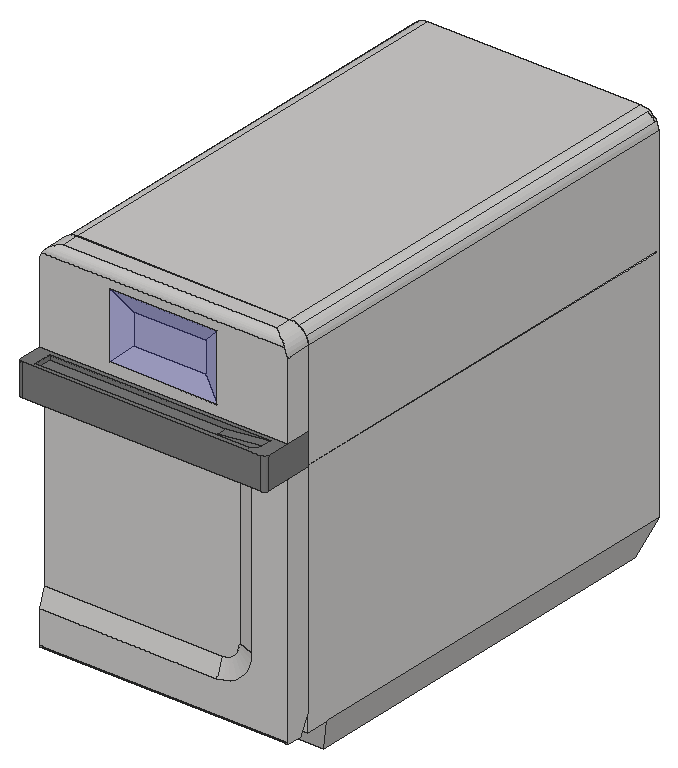
Revit family "QF_ACP_ARX-MRX_cat", category Specialty Equipment, Revit 2014
Parameters (values of type "Requires Type Catalog QF_Amana_AFX-MRX_cat.txt")
  Width = 14 1/8"
  Weight in Pounds = 0
  Watts = 0 W
  Watermarked By = ""
  Volts = 0 V
  URL Cutsheet = ""
  URL = "http://acpsolutions.com/"
  Status [instance] = ""
  Specification by User [instance] = ""
  Specification by Manufacturer [instance] = ""
  Serial Number [instance] = ""
  Revision Code [instance] = ""
  Phase = 0
  Number of Poles [instance] = 1
  NAFEM Spec ID Number [instance] = ""
  Model = "-"
  Max Overcurrent Protection = 0 A
  Masterspec [instance] = ""
  Manufacturer = "ACP"
  Legs = no
  Leg Height = if(Legs, 4", 0")  # 0"
  Item Number [instance] = "-"
  Installed By [instance] = ""
  Height [instance] = 22 3/4"
  Furnished By [instance] = ""
  Foodservice Equipment Identifier = yes
  FL Amps = 0 A
  Electrical Remarks [instance] = ""
  Electric Connection Type = "-"
  Elec Conn RI Height [instance] = 0"
  Elec Conn Connection Height = 3"
  Description = "High Speed Oven"
  Depth = 40 5/8"
  Default Elevation = 48"
  Cycle = 0 Hz
  Conn Plug = "-"
  CSI MasterFormat = ""
  Apparent Power = if(Phase = 3, Volts * FL Amps * 1.73, Volts * FL Amps)  # 0 VA
Reference planes (in)
  plane 1 "BACK": y = 0
  plane 2: z = 0
  plane 3 "LEFT": x = -16.56573
  plane 4 "RIGHT": x = -2.44073
  plane 5 "FRONT": y = -40.625
  plane 6 "TOP": z = 22.75
  plane 7 "Bottom of Suport Solid": z = 0
  plane 8 "Outer Front": y = -29.25
  plane 9 "Inner Front": y = -26.25
  plane 10 "Bottom": z = 2
  plane 11 "Back Inner": y = -1.25
  plane 12: y = -24.88
  plane 13: x = -9.50323
  plane 14: x = -15.81573
  plane 15: x = -3.19073
  plane 16: z = 13.25
  plane 17: x = -5.75323
  plane 18: x = -13.25323
  plane 19: z = 24.75
  plane 20: x = -17.06573
  plane 21: x = -1.94073
Forms (in)
  Blend 1, solid, material "QF_Stainless-Polished"
    base sketch origin (0, 0, 0) x (0, 1, 0) y (-1, 0, 0)
      loop
        line (-1.25, 16.56573) -> (-24.88, 16.56573) -> (-24.88, 2.44073) -> (-1.25, 2.44073) -> (-1.25, 16.56573)
    top sketch origin (0, 0, 0) x (0, 1, 0) y (-1, 0, 0)
      loop
        line (-24.13, 15.81573) -> (-24.13, 3.19073) -> (-2, 3.19073) -> (-2, 15.81573) -> (-24.13, 15.81573)
    from 2 to 0
  Blend 2, solid, material "QF_Stainless-Polished"
    base sketch origin (0, 0, 0) x (1, 0, 0) y (0, 0, 1)
      loop
        circle (-5.75323, 13.25) r 0.5
    top sketch origin (0, 0, 0) x (1, 0, 0) y (0, 0, 1)
      loop
        circle (-5.75323, 13.25) r 0.75
    from 0 to 1.25
  Blend 3, solid, material "QF_Stainless-Polished"
    base sketch origin (0, 0, 0) x (1, 0, 0) y (0, 0, 1)
      loop
        circle (-13.25323, 13.25) r 0.5
    top sketch origin (0, 0, 0) x (1, 0, 0) y (0, 0, 1)
      loop
        circle (-13.25323, 13.25) r 0.75
    from 0 to 1.25
  Extrusion 4, solid, material "QF_Stainless-Polished"
    sketch origin (-16.56573, 0, 0) x (0, 1, 0) y (0, 0, 1)
      loop
        line (-1.25, 2) -> (-1.25, 15.61719) -> (-26.25, 15.61719) -> (-26.25, 2) -> (-1.25, 2)
      loop
        line (-1.25, 22.75) -> (-26.25, 22.75) -> (-26.25, 15.67969) -> (-1.25, 15.67969) -> (-1.25, 22.75)
    from 0 to 0.125
  Extrusion 5, solid, material "QF_Stainless-Polished"
    sketch origin (-2.44073, 0, 0) x (0, 1, 0) y (0, 0, 1)
      loop
        line (-26.25, 2) -> (-1.25, 2) -> (-1.25, 15.61719) -> (-26.25, 15.61719) -> (-26.25, 2)
      loop
        line (-26.25, 22.75) -> (-26.25, 15.67969) -> (-1.25, 15.67969) -> (-1.25, 22.75) -> (-26.25, 22.75)
    from 0 to -0.125
  Extrusion 6, solid, material "QF_Stainless-Polished"
    sketch origin (0, -1.25, 0) x (1, 0, 0) y (0, 0, 1)
      loop
        line (-2.44073, 22.75) -> (-16.56573, 22.75) -> (-16.56573, 2) -> (-2.44073, 2) -> (-2.44073, 22.75)
      loop
        line (-3.69073, 14.75) -> (-3.69073, 21.5) -> (-15.31573, 21.5) -> (-15.31573, 14.75) -> (-3.69073, 14.75)
    from 0 to 0.125
  Extrusion 7, solid, material "QF_Stainless-Polished"
    sketch origin (0, -1.25, 0) x (1, 0, 0) y (0, 0, 1)
      loop
        line (-3.69073, 21.5) -> (-15.31573, 21.5) -> (-15.31573, 14.75) -> (-3.69073, 14.75) -> (-3.69073, 21.5)
    from 0 to 0.125
  Extrusion 8, solid, material "QF_Stainless-Polished"
    sketch origin (0, 0, 22.75) x (0, 1, 0) y (-1, 0, 0)
      loop
        line (-1.25, 16.56573) -> (-26.25, 16.56573) -> (-26.25, 2.44073) -> (-1.25, 2.44073) -> (-1.25, 16.56573)
    from 0 to -0.125
  Extrusion 9, void
    sketch origin (0, 0, 0) x (1, 0, 0) y (0, 0, 1)
      loop
        line (-16.56573, 22.75) -> (-16.56573, 21.75)
        arc (-16.56573, 21.75) -> (-16.27283, 22.45711) -> (-15.56573, 22.75) r 1
        line (-15.56573, 22.75) -> (-16.56573, 22.75)
      loop
        line (-2.44073, 22.75) -> (-3.44073, 22.75)
        arc (-3.44073, 22.75) -> (-2.73362, 22.45711) -> (-2.44073, 21.75) r 1
        line (-2.44073, 21.75) -> (-2.44073, 22.75)
    from 0 to 28.00147
  Extrusion 10, solid, material "QF_Stainless-Polished"
    sketch origin (0, -1.25, 0) x (1, 0, 0) y (0, 0, 1)
      loop
        line (-16.56573, 21.75) -> (-16.44073, 21.75)
        arc (-16.44073, 21.75) -> (-16.18444, 22.36872) -> (-15.56573, 22.625) r 0.875
        line (-15.56573, 22.625) -> (-15.56573, 22.75)
        arc (-15.56573, 22.75) -> (-16.27283, 22.45711) -> (-16.56573, 21.75) r 1
      loop
        arc (-2.44073, 21.75) -> (-2.73362, 22.45711) -> (-3.44073, 22.75) r 1
        line (-3.44073, 22.75) -> (-3.44073, 22.625)
        arc (-3.44073, 22.625) -> (-2.82201, 22.36872) -> (-2.56573, 21.75) r 0.875
        line (-2.56573, 21.75) -> (-2.44073, 21.75)
    from 0 to 25
  Extrusion 11, solid, material "QF_Stainless-Polished"
    sketch origin (0, 0, 2) x (0, 1, 0) y (-1, 0, 0)
      loop
        line (-26.25, 16.56573) -> (-26.25, 2.44073) -> (-1.25, 2.44073) -> (-1.25, 16.56573) -> (-26.25, 16.56573)
    from 0 to 0.0625
  Extrusion 12, solid, material "QF_Stainless-Polished"
    sketch origin (-16.56573, 0, 0) x (0, 1, 0) y (0, 0, 1)
      loop
        line (-26.25, 3) -> (-26.25, 15.55859) -> (-27.7, 15.55859) -> (-27.7, 2.125)
        arc (-27.7, 2.125) -> (-27.66339, 2.03661) -> (-27.575, 2) r 0.125
        line (-27.575, 2) -> (-26.82725, 2)
        arc (-26.82725, 2) -> (-26.76154, 2.01867) -> (-26.71545, 2.0691) r 0.125
        line (-26.71545, 2.0691) -> (-26.25, 3)
    from 0 to 14.125
  Extrusion 13, solid, material "QF_Stainless-Polished"
    sketch origin (0, -26.25, 0) x (1, 0, 0) y (0, 0, 1)
      loop
        line (-3.44073, 22.75) -> (-15.56573, 22.75)
        arc (-15.56573, 22.75) -> (-16.27283, 22.45711) -> (-16.56573, 21.75) r 1
        line (-16.56573, 21.75) -> (-16.56573, 17.37) -> (-2.44073, 17.37) -> (-2.44073, 21.75)
        arc (-2.44073, 21.75) -> (-2.73362, 22.45711) -> (-3.44073, 22.75) r 1
    from 0 to 1.45
  Extrusion 14, void
    sketch origin (-16.56573, 0, 0) x (0, 1, 0) y (0, 0, 1)
      loop
        line (-27.2, 22.75) -> (-27.7, 22.75) -> (-27.7, 22.25)
        arc (-27.7, 22.25) -> (-27.55355, 22.60355) -> (-27.2, 22.75) r 0.5
    from 0 to 14.125
  Extrusion 15, solid, material "QF_Stainless-Polished"
    sketch origin (0, -26.25, 0) x (1, 0, 0) y (0, 0, 1)
      loop
        line (-16.44073, 2) -> (-2.56573, 2) -> (-2.56573, 17.37) -> (-16.44073, 17.37) -> (-16.44073, 2)
    from 0 to -0.125
  Extrusion 16, solid, material "QF_Plastic-Dark Gray"
    sketch origin (-16.56573, -26.75, 15.55859) x (0, -1, 0) y (1, 0, 0)
      loop
        line (-0.5, 0) -> (2.25, 0)
        arc (2.25, 0) -> (2.42678, 0.07322) -> (2.5, 0.25) r 0.25
        line (2.5, 0.25) -> (2.5, 13.875)
        arc (2.5, 13.875) -> (2.42678, 14.05178) -> (2.25, 14.125) r 0.25
        line (2.25, 14.125) -> (-0.5, 14.125) -> (-0.5, 0)
    from 0 to 1.81141
  Blend 17, void
    base sketch origin (0, -26.25, 0) x (1, 0, 0) y (0, 0, 1)
      loop
        line (-16.56573, 4) -> (-6.44073, 4)
        arc (-6.44073, 4) -> (-5.02651, 4.58579) -> (-4.44073, 6) r 2
        line (-4.44073, 6) -> (-4.44073, 15.55859) -> (-16.56573, 15.55859) -> (-16.56573, 4)
    top sketch origin (0, -26.25, 0) x (1, 0, 0) y (0, 0, 1)
      loop
        line (-16.56573, 5) -> (-6.44073, 5)
        arc (-6.44073, 5) -> (-5.73362, 5.29289) -> (-5.44073, 6) r 1
        line (-5.44073, 6) -> (-5.44073, 15.55859) -> (-16.56573, 15.55859) -> (-16.56573, 5)
    from 1.45 to 1.10693
  Blend 18, void
    base sketch origin (-16.56573, -26.75, 17.37) x (1, 0, 0) y (0, 1, 0)
      loop
        line (10.8125, -1.2) -> (0.75, -1.2) -> (0.75, -2.25) -> (10.3125, -2.25)
        arc (10.3125, -2.25) -> (10.66605, -2.10355) -> (10.8125, -1.75) r 0.5
        line (10.8125, -1.75) -> (10.8125, -1.2)
    top sketch origin (-16.56573, -26.75, 17.37) x (1, 0, 0) y (0, 1, 0)
      loop
        line (13.375, -1.75) -> (13.375, -1.2) -> (0.75, -1.2) -> (0.75, -2.25) -> (12.875, -2.25)
        arc (12.875, -2.25) -> (13.22855, -2.10355) -> (13.375, -1.75) r 0.5
    from -0.27449 to 0
  Blend 19, void
    base sketch origin (0, -26.25, 0) x (1, 0, 0) y (0, 0, 1)
      loop
        line (-6.44073, 21.75) -> (-12.56573, 21.75) -> (-12.56573, 18) -> (-6.44073, 18) -> (-6.44073, 21.75)
    top sketch origin (0, -26.25, 0) x (1, 0, 0) y (0, 0, 1)
      loop
        line (-11.56573, 19) -> (-7.44073, 19) -> (-7.44073, 20.75) -> (-11.56573, 20.75) -> (-11.56573, 19)
    from 1.45 to 1.0232
  Extrusion 20, solid, material "QF_Glass-Cast-Clear"
    sketch origin (0, -27.7, 0) x (1, 0, 0) y (0, 0, 1)
      loop
        line (-12.56573, 21.75) -> (-12.56573, 18) -> (-6.44073, 18) -> (-6.44073, 21.75) -> (-12.56573, 21.75)
    from 0 to -0.125
  Extrusion 21, solid, material "QF_Stainless-Polished"
    sketch origin (0, -1.25, 0) x (1, 0, 0) y (0, 0, 1)
      loop
        circle (-5.75323, 5) r 0.25
    from 0 to -0.125
  Extrusion 22, solid, material "QF_Clearance", detail levels coarse+medium
    sketch origin (-16.56573, 0, 0) x (0, 1, 0) y (0, 0, 1)
      loop
        line (-29.25, 2) -> (-29.25, 17.37)
        arc (-29.25, 17.37) -> (-37.47196, 11.56069) -> (-40.625, 2) r 16.07154
        line (-40.625, 2) -> (-29.25, 2)
    from 0 to 14.125
  Extrusion 23, solid, material "QF_Clearance", detail levels coarse+medium
    sketch origin (0, 0, 0) x (1, 0, 0) y (0, 0, 1)
      loop
        line (-17.06573, 0) -> (-16.56573, 0) -> (-16.56573, 24.75) -> (-17.06573, 24.75) -> (-17.06573, 0)
    from 0 to 29.25
  Extrusion 24, solid, material "QF_Clearance", detail levels coarse+medium
    sketch origin (0, 0, 0) x (1, 0, 0) y (0, 0, 1)
      loop
        line (-1.94073, 0) -> (-1.94073, 24.75) -> (-2.44073, 24.75) -> (-2.44073, 0) -> (-1.94073, 0)
    from 0 to 29.25
  Extrusion 25, solid, material "QF_Clearance", detail levels coarse+medium
    sketch origin (0, 0, 0) x (1, 0, 0) y (0, 0, 1)
      loop
        line (-16.56573, 24.75) -> (-16.56573, 22.75) -> (-2.44073, 22.75) -> (-2.44073, 24.75) -> (-16.56573, 24.75)
    from 0 to 29.25
Cuts and joins
  Extrusion 9, Blend 17 cuts Extrusion 4
  Extrusion 9, Blend 17 cuts Extrusion 5
  Extrusion 9, Blend 17 cuts Extrusion 6
  Extrusion 9, Blend 17 cuts Extrusion 8
  Blend 17 cuts Extrusion 10
  Blend 17 cuts Extrusion 11
  Blend 17 cuts Extrusion 15
  joined: Extrusion 4, Extrusion 5, Extrusion 6, Extrusion 7, Extrusion 8, Extrusion 10, Extrusion 11, Extrusion 15
  Extrusion 14, Blend 19 cuts Extrusion 13
  Blend 17 cuts Extrusion 12
  Blend 18 cuts Extrusion 16
  joined: Extrusion 23, Extrusion 24, Extrusion 25
Lines and regions (in)
  symbolic lines
    curve 1: line (-16.56573, -1.25, 0) -> (-2.44073, -1.25, 0)
    curve 2: line (-16.56573, -29, 0) -> (-16.56573, -1.25, 0)
    curve 3: line (-2.69073, -29.25, 0) -> (-16.31573, -29.25, 0)
    curve 4: line (-2.44073, -1.25, 0) -> (-2.44073, -29, 0)
    curve 5: arc (-16.56573, -29, 0) -> (-16.4925, -29.17678, 0) -> (-16.31573, -29.25, 0) r 0.25
    curve 6: arc (-2.69073, -29.25, 0) -> (-2.51395, -29.17678, 0) -> (-2.44073, -29, 0) r 0.25
    curve 9: line (-13.75323, 0, 0) -> (-14.01892, -1.25, 0)
    curve 10: line (-12.75323, 0, 0) -> (-12.48753, -1.25, 0)
    curve 11: line (-6.25323, 0, 0) -> (-6.51892, -1.25, 0)
    curve 12: line (-5.25323, 0, 0) -> (-4.98753, -1.25, 0)
    curve 13: line (-5.25323, 0, 0) -> (-6.25323, 0, 0)
    curve 14: line (-13.75323, 0, 0) -> (-12.75323, 0, 0)
  symbolic lines, style "QF_Details_Surface"
    curve 7: line (-16.56573, -26.25, 0) -> (-2.56573, -26.25, 0)
    curve 8: line (-16.56573, -27.7, 0) -> (-2.44073, -27.7, 0)
  symbolic lines, style "QF_Clearances_Code Mandatory", detail levels coarse+medium
    curve 15: line (-17.06573, 0, 0) -> (-17.06573, -29.25, 0)
    curve 16: line (-1.94073, -29.25, 0) -> (-1.94073, 0, 0)
    curve 17: line (-1.94073, 0, 0) -> (-17.06573, 0, 0)
    curve 18: line (-17.06573, -29.25, 0) -> (-16.56573, -29.25, 0)
    curve 19: line (-1.94073, -29.25, 0) -> (-2.44073, -29.25, 0)
    curve 20: line (-2.44073, -40.625, 0) -> (-2.44073, -29.25, 0)
    curve 21: line (-16.56573, -29.25, 0) -> (-16.56573, -40.625, 0)
    curve 22: line (-16.56573, -40.625, 0) -> (-2.44073, -40.625, 0)
Dimensions and locks (in)
  "Width": plane 3 "LEFT" to plane 4 "RIGHT"
  "Depth": plane 5 "FRONT" to plane 1 "BACK"
  "Leg Height": plane 7 "Bottom of Suport Solid" to level
  locked: plane 8 "Outer Front" to plane 1 "BACK" at 29.25
  locked: plane 10 "Bottom" to plane 7 "Bottom of Suport Solid" at 2
  locked: nested 1 to plane 1 "BACK" at 3
  locked: nested 2 to plane 1 "BACK" at 3
  plane 9 "Inner Front" to nested 3 = 3 1/4"
  locked: plane 9 "Inner Front" to nested 4 at 3.25
  plane 3 "LEFT" to nested 1 = 2"
  nested 2 to plane 4 "RIGHT" = 2"
  locked: plane 3 "LEFT" to nested 3 at 2
  locked: nested 4 to plane 4 "RIGHT" at 2
  locked: plane 11 "Back Inner" to plane 1 "BACK" at 1.25
  locked: plane 9 "Inner Front" to plane 11 "Back Inner" at 25
  plane 12 to plane 11 "Back Inner" = 23.63"
  equal spacing: plane 3 "LEFT", plane 13, plane 4 "RIGHT"
  locked: plane 3 "LEFT" to plane 14 at 0.75
  locked: plane 15 to plane 4 "RIGHT" at 0.75
  locked: plane 6 "TOP" to plane 10 "Bottom" at 20.75
  "Height": plane 6 "TOP" to plane 2
  locked: plane 16 to plane 10 "Bottom" at 11.25
  equal spacing: plane 18, plane 13, plane 17, locked at 3.75 each
  locked: plane 6 "TOP" to Extrusion 10 sketch curve at 0.125  (x2)
  locked: Extrusion 10 sketch curve to plane 3 "LEFT" at 0.125
  locked: plane 4 "RIGHT" to Extrusion 10 sketch curve at 0.125
  locked: plane 9 "Inner Front" to Extrusion 12 sketch curve at 1.45
  locked: plane 10 "Bottom" to Extrusion 21 sketch curve at 3
  locked: plane 19 to plane 6 "TOP" at 2
  locked: plane 20 to plane 3 "LEFT" at 0.5
  locked: plane 4 "RIGHT" to plane 21 at 0.5
  aligned and locked: level to plane 2
  aligned and locked: plane 11 "Back Inner" to Blend 1 sketch curve
  aligned and locked: plane 3 "LEFT" to Blend 1 sketch curve
  aligned and locked: Blend 1 sketch curve to plane 12
  aligned and locked: Blend 1 sketch curve to plane 4 "RIGHT"
  aligned and locked: plane 14 to Blend 1 sketch curve
  aligned and locked: Blend 1 sketch curve to plane 15
  aligned and locked: Blend 1 to plane 10 "Bottom"
  aligned and locked: Blend 1 to plane 7 "Bottom of Suport Solid"
  aligned and locked: plane 11 "Back Inner" to Blend 3
  aligned and locked: plane 11 "Back Inner" to Blend 2
  aligned and locked: Extrusion 4 sketch curve to Blend 1  (x2)
  aligned and locked: Extrusion 4 sketch curve to plane 6 "TOP"
  aligned and locked: Extrusion 4 sketch curve to plane 9 "Inner Front"
  aligned and locked: Extrusion 5 sketch curve to Extrusion 4  (x4)
  aligned and locked: Extrusion 6 sketch curve to Extrusion 5  (x2)
  aligned and locked: Extrusion 6 sketch curve to Blend 1
  aligned and locked: Extrusion 6 sketch curve to Extrusion 4
  aligned and locked: Extrusion 7 sketch curve to Extrusion 6  (x3)
  aligned and locked: Extrusion 8 sketch curve to Blend 1
  aligned and locked: Extrusion 8 sketch curve to Extrusion 4
  aligned and locked: Extrusion 8 sketch curve to Extrusion 5  (x2)
  aligned and locked: Extrusion 9 sketch curve to plane 6 "TOP"
  aligned and locked: Extrusion 9 sketch curve to plane 3 "LEFT"
  aligned and locked: Extrusion 9 sketch curve to plane 4 "RIGHT"
  aligned and locked: plane 3 "LEFT" to Extrusion 10 sketch curve
  aligned and locked: plane 6 "TOP" to Extrusion 10 sketch curve  (x2)
  aligned and locked: plane 4 "RIGHT" to Extrusion 10 sketch curve
  aligned and locked: plane 9 "Inner Front" to Extrusion 10
  aligned and locked: Extrusion 11 sketch curve to cut or joined group 1 (Extrusion 4, Extrusion 5, Extrusion 6, Extrusion 7, Extrusion 8, Extrusion 9, Extrusion 10, Extrusion 11, Extrusion 15, Blend 17)
  aligned and locked: Extrusion 11 sketch curve to Blend 1
  aligned and locked: Extrusion 11 sketch curve to plane 3 "LEFT"
  aligned and locked: Extrusion 11 sketch curve to plane 11 "Back Inner"
  aligned and locked: plane 10 "Bottom" to Extrusion 12 sketch curve
  aligned and locked: plane 9 "Inner Front" to Extrusion 12 sketch curve
  aligned and locked: plane 4 "RIGHT" to Extrusion 12
  aligned and locked: Extrusion 13 sketch curve to cut or joined group 1  (x2)
  aligned and locked: plane 4 "RIGHT" to Extrusion 14
  aligned and locked: Extrusion 15 sketch curve to Blend 1
  aligned and locked: Extrusion 16 to cut or joined group 1
  aligned and locked: Extrusion 20 sketch curve to cut or joined group of Extrusion 13, Extrusion 14, Blend 19  (x4)
  aligned and locked: Extrusion 22 sketch curve to plane 10 "Bottom"
  aligned and locked: plane 8 "Outer Front" to Extrusion 22 sketch curve
  aligned and locked: plane 4 "RIGHT" to Extrusion 22
  aligned and locked: Extrusion 23 sketch curve to plane 7 "Bottom of Suport Solid"
  aligned and locked: Extrusion 23 sketch curve to plane 20
  aligned and locked: plane 19 to Extrusion 23 sketch curve
  aligned and locked: plane 3 "LEFT" to Extrusion 23 sketch curve
  aligned and locked: plane 7 "Bottom of Suport Solid" to Extrusion 24 sketch curve
  aligned and locked: Extrusion 24 sketch curve to plane 21
  aligned and locked: Extrusion 24 sketch curve to plane 19
  aligned and locked: plane 4 "RIGHT" to Extrusion 24 sketch curve
  aligned and locked: Extrusion 25 sketch curve to Extrusion 23
  aligned and locked: Extrusion 23 to Extrusion 25 sketch curve
  aligned and locked: plane 6 "TOP" to Extrusion 25 sketch curve
  aligned and locked: Extrusion 25 sketch curve to plane 4 "RIGHT"
  aligned and locked: plane 8 "Outer Front" to Extrusion 23
  aligned and locked: plane 8 "Outer Front" to Extrusion 24
  aligned and locked: plane 8 "Outer Front" to Extrusion 25
  aligned and locked: curve 1 to Blend 1
  aligned and locked: curve 2 to cut or joined group 1
  aligned and locked: Extrusion 22 to curve 3
  aligned and locked: cut or joined group of Extrusion 23, Extrusion 24, Extrusion 25 to curve 4
  aligned and locked: cut or joined group of Extrusion 13, Extrusion 14, Blend 19 to plane 9 "Inner Front"
  aligned and locked: curve 8 to cut or joined group of Extrusion 13, Extrusion 14, Blend 19
  aligned and locked: curve 13 to Blend 2
  aligned and locked: curve 14 to Blend 3
  aligned and locked: curve 15 to cut or joined group of Extrusion 23, Extrusion 24, Extrusion 25
  aligned and locked: curve 16 to cut or joined group of Extrusion 23, Extrusion 24, Extrusion 25
  aligned and locked: curve 17 to cut or joined group of Extrusion 23, Extrusion 24, Extrusion 25
  aligned and locked: curve 20 to Extrusion 22
  aligned and locked: curve 21 to Extrusion 22
Automatic sketch dimensions
  Blend 1 sketch curve to plane 12 = 3/4"
  plane 11 "Back Inner" to Blend 1 sketch curve = 3/4"
  Blend 2 sketch curve to plane 16 = 0"  (x2)
  Blend 2 sketch curve to plane 17 = 0"  (x2)
  Blend 3 sketch curve to plane 16 = 0"  (x2)
  Blend 3 sketch curve to plane 18 = 0"  (x2)
  Extrusion 4 sketch curve to plane 6 "TOP" = 7 9/128"
  Extrusion 4 sketch curve to Extrusion 4 sketch curve = 1/16"
  Extrusion 4 sketch curve to plane 9 "Inner Front" = 0"
  Extrusion 4 sketch curve to plane 11 "Back Inner" = 0"
  Extrusion 5 sketch curve to plane 9 "Inner Front" = 0"
  Extrusion 5 sketch curve to plane 11 "Back Inner" = 0"
  plane 16 to Extrusion 5 sketch curve = 2 47/128"
  Extrusion 5 sketch curve to Extrusion 5 sketch curve = 1/16"
  plane 14 to Extrusion 6 sketch curve = 1/2"
  Extrusion 6 sketch curve to plane 15 = 1/2"
  plane 16 to Extrusion 6 sketch curve = 1 1/2"
  Extrusion 6 sketch curve to plane 6 "TOP" = 1 1/4"
  Extrusion 7 sketch curve to plane 15 = 1/2"
  Extrusion 9 sketch curve to plane 6 "TOP" = 0"
  plane 14 to Extrusion 9 sketch curve = 1/4"
  Extrusion 9 sketch curve to plane 15 = 1/4"
  Extrusion 10 sketch curve to Extrusion 10 sketch curve = 0"  (x4)
  plane 14 to Extrusion 10 sketch curve = 1/4"
  Extrusion 10 sketch curve to plane 15 = 1/4"
  Extrusion 12 sketch curve to Extrusion 12 sketch curve = 1/8"
  plane 9 "Inner Front" to Extrusion 12 sketch curve = 0.57725"
  plane 10 "Bottom" to Extrusion 12 sketch curve = 0.0691"
  Extrusion 12 sketch curve to Extrusion 12 sketch curve = 0.1118"
  plane 10 "Bottom" to Extrusion 12 sketch curve = 1"
  plane 16 to Extrusion 12 sketch curve = 2 79/256"
  plane 14 to Extrusion 13 sketch curve = 1/4"
  Extrusion 13 sketch curve to plane 15 = 1/4"
  plane 16 to Extrusion 13 sketch curve = 4.12"
  Extrusion 14 sketch curve to plane 6 "TOP" = 0"
  plane 9 "Inner Front" to Extrusion 14 sketch curve = 0.95"
  Extrusion 14 sketch curve to Extrusion 14 sketch curve = 1/2"
  Extrusion 13 sketch curve to plane 4 "RIGHT" = 0"
  Extrusion 15 sketch curve to Extrusion 15 sketch curve = 15.37"
  plane 3 "LEFT" to Extrusion 15 sketch curve = 1/8"
  Extrusion 15 sketch curve to plane 4 "RIGHT" = 1/8"
  Extrusion 16 sketch curve to Extrusion 12 = 0"  (x3)
  Extrusion 12 to Extrusion 16 sketch curve = 1.3"  (x2)
  Extrusion 12 to Extrusion 16 sketch curve = 1/4"
  Blend 18 sketch curve to Extrusion 16 = 1/4"  (x2)
  Blend 18 sketch curve to Extrusion 16 = 3/4"  (x3)
  Blend 18 sketch curve to Blend 18 sketch curve = 1/2"
  Blend 18 sketch curve to Extrusion 16 = 3 13/16"
  Blend 18 sketch curve to Blend 18 sketch curve = 1.05"
  Blend 18 sketch curve to Extrusion 16 = 1 1/4"
  Blend 18 sketch curve to Blend 18 sketch curve = 0.55"
  Blend 19 sketch curve to plane 15 = 3 1/4"
  Blend 19 sketch curve to Blend 19 sketch curve = 3 3/4"
  plane 14 to Blend 19 sketch curve = 3 1/4"
  plane 16 to Blend 19 sketch curve = 4 3/4"
  Blend 19 sketch curve to Blend 19 sketch curve = 1 3/4"
  Blend 19 sketch curve to plane 6 "TOP" = 3 3/4"
  Blend 19 sketch curve to plane 17 = 1 11/16"
  plane 18 to Blend 19 sketch curve = 1 11/16"
  Blend 17 sketch curve to plane 3 "LEFT" = 0"  (x2)
  Blend 17 sketch curve to plane 17 = 11/16"  (x2)
  Blend 17 sketch curve to plane 15 = 1 1/4"
  plane 10 "Bottom" to Blend 17 sketch curve = 2"
  plane 16 to Blend 17 sketch curve = 2 79/256"  (x2)
  plane 17 to Blend 17 sketch curve = 5/16"
  plane 10 "Bottom" to Blend 17 sketch curve = 3"
  Extrusion 21 sketch curve to plane 17 = 0"
  Extrusion 22 sketch curve to plane 5 "FRONT" = 0"
  Extrusion 22 sketch curve to plane 12 = 0.32654"
  plane 8 "Outer Front" to curve 19 = 0"
  plane 8 "Outer Front" to curve 18 = 0"
  plane 9 "Inner Front" to curve 7 = 0"
  curve 3 to curve 6 = 1/4"
  curve 2 to plane 8 "Outer Front" = 1/4"
  plane 17 to curve 12 = 1/2"
  curve 13 to plane 17 = 1/2"
  plane 18 to curve 10 = 1/2"
  curve 9 to plane 18 = 1/2"
  curve 7 to plane 4 "RIGHT" = 1/8"
  plane 17 to curve 12 = 0.7657"
  curve 11 to plane 17 = 0.7657"
  plane 18 to curve 10 = 0.7657"
  curve 9 to plane 18 = 0.7657"
  curve 20 to plane 5 "FRONT" = 0"
  radius of Blend 2 sketch curve = 1/2"
  radius of Blend 2 sketch curve = 3/4"
  radius of Blend 3 sketch curve = 1/2"
  radius of Blend 3 sketch curve = 3/4"
  radius of Extrusion 21 sketch curve = 1/4"
Nested families (in)
  nested 1: "FESCasterLeg-2014" at (2, -3, 0), Leg <- "Legs", type "FESCasterLeg-2014"
    with Standard Caster Mount no, Overall Height 4", Optional Caster Mount no, Mount Depth 1 1/4", Leg Material QF_Stainless-Polished, Leg no, Caster Straight SL no, Caster Radius 1 1/2", Caster Mount Diameter 1 1/2", Caster 45 Degree SL no, Caster 45 Degree Lines no, Caster no
  nested 2: "FESCasterLeg-2014" at (12.125, -3, 0), Leg <- "Legs", type "FESCasterLeg-2014"
    with Standard Caster Mount no, Overall Height 4", Optional Caster Mount no, Mount Depth 1 1/4", Leg Material QF_Stainless-Polished, Leg no, Caster Straight SL no, Caster Radius 1 1/2", Caster Mount Diameter 1 1/2", Caster 45 Degree SL no, Caster 45 Degree Lines no, Caster no
  nested 3: "FESCasterLeg-2014" at (2, -23, 0), Leg <- "Legs", type "FESCasterLeg-2014"
    with Standard Caster Mount no, Overall Height 4", Optional Caster Mount no, Mount Depth 1 1/4", Leg Material QF_Stainless-Polished, Leg no, Caster Straight SL no, Caster Radius 1 1/2", Caster Mount Diameter 1 1/2", Caster 45 Degree SL no, Caster 45 Degree Lines no, Caster no
  nested 4: "FESCasterLeg-2014" at (12.125, -23, 0), Leg <- "Legs", type "FESCasterLeg-2014"
    with Standard Caster Mount no, Overall Height 4", Optional Caster Mount no, Mount Depth 1 1/4", Leg Material QF_Stainless-Polished, Leg no, Caster Straight SL no, Caster Radius 1 1/2", Caster Mount Diameter 1 1/2", Caster 45 Degree SL no, Caster 45 Degree Lines no, Caster no
Connectors (in)
  electrical at (-5.75323, -1.125, 5), driven by "Number of Poles", driven by "Volts", driven by "Apparent Power"
    settings: on Extrusion 21, index 1, voltage 0 V, apparent load 0 VA, apparent load phase1 0 VA, apparent load phase2 0 VA, apparent load phase3 0 VA, power factor 1, load classification "Other", number of poles 1, system type 30, power factor state 1, is connector primary yes, connector utility no, sub classification motor no, connector description "ELECTRICAL"
Definition of nested family "FESCasterLeg-2014"
  Parameters (values of type "FESCasterLeg-2014")
    Watermarked By = ""
    Standard Caster Mount [instance] = and(Overall Height > 3 63/64", Caster)  # yes
    Overall Height [instance] = 6"
    Optional Caster Mount [instance] = and(Overall Height < 3 63/64", Caster)  # no
    Mount Depth [instance] = if(Overall Height < 3 63/64", 0", 1 1/4")  # 1 1/4"
    Leg Material [instance] = QF_Stainless-Polished
    Leg [instance] = no
    Caster Straight SL [instance] = and(Caster, not(Caster 45 Degree Lines))  # yes
    Caster Radius [instance] = (Overall Height / 2) - 1/2"  # 2 1/2"
    Caster Mount Diameter [instance] = 1 1/2"
    Caster 45 Degree Lines [instance] = and(Caster, Caster 45 Degree SL)  # no
    Caster [instance] = yes
    Caster 45 Degree SL [instance] = no
  Reference planes (in)
    plane 1 "Center FB": y = 0
    plane 2: z = 0
    plane 3 "Center LR": x = -16.56573
    plane 4 "TOP": z = 6
    plane 5 "Caster Center": z = 2.5
    plane 6 "Caster": y = 1.25
    plane 7 "LEFT": x = -17.44073
    plane 8 "RIGHT": x = -15.69073
    plane 9: z = 5.5
    plane 10: z = 5.25
    plane 11 "45LR": through (-21.90442, -5.33869, 48) normal (-0.7071, 0.7071, 0)
    plane 12 "45RL": through (-10.33166, -6.23407, 48) normal (-0.7071, -0.7071, 0)
  Forms (in)
    Extrusion 1, solid, material "QF_Stainless-Polished", visible <- "Standard Caster Mount"
      sketch origin (-17.44073, 0, 0) x (0, 1, 0) y (0, 0, 1)
        loop
          line (1.75, 2.5) -> (1.75, 5.25) -> (1.25, 5.25) -> (1, 5.5) -> (-1, 5.5) -> (-1, 4.75) -> (0.75, 2.875) -> (0.75, 2.5)
          arc (0.75, 2.5) -> (1.25, 2) -> (1.75, 2.5) r 0.5
      from 0 to 1.75
    Extrusion 2, void
      sketch origin (0, 1.25, 0) x (1, 0, 0) y (0, 0, 1)
        loop
          line (-15.94073, 5.125) -> (-17.19073, 5.125) -> (-17.19073, 1.875) -> (-15.94073, 1.875) -> (-15.94073, 5.125)
      from -0.5 to 2.25
    Revolve 3, solid, material "QF_Rubber-Black", visible <- "Caster"
      sketch origin (0, 0, 2.5) x (0, 1, 0) y (-1, 0, 0)
        loop
          arc (3.75, 16.81573) -> (3.67678, 16.9925) -> (3.5, 17.06573) r 0.25
          line (3.5, 17.06573) -> (1.25, 17.06573) -> (1.25, 16.06573) -> (3.5, 16.06573)
          arc (3.5, 16.06573) -> (3.67678, 16.13895) -> (3.75, 16.31573) r 0.25
          line (3.75, 16.31573) -> (3.75, 16.81573)
        axis (1.25, 16.06573) -> (1.25, 17.06573)
      angle from 0 to 360
    Extrusion 4, solid, material "QF_Stainless-Polished", visible <- "Optional Caster Mount"
      sketch origin (-17.44073, 0, 0) x (0, 1, 0) y (0, 0, 1)
        loop
          line (1.75, 2.5) -> (1.75, 6) -> (0.75, 6) -> (0.75, 2.5)
          arc (0.75, 2.5) -> (1.25, 2) -> (1.75, 2.5) r 0.5
      from 0 to 0.25
    Extrusion 5, solid, material "QF_Stainless-Polished", visible <- "Optional Caster Mount"
      sketch origin (-15.69073, 0, 0) x (0, 1, 0) y (0, 0, 1)
        loop
          line (1.75, 2.5) -> (1.75, 6) -> (0.75, 6) -> (0.75, 2.5)
          arc (0.75, 2.5) -> (1.25, 2) -> (1.75, 2.5) r 0.5
      from 0 to -0.25
    Extrusion 6, solid, material "QF_Stainless-Polished", visible <- "Optional Caster Mount"
      sketch origin (-16.56573, 0, 0) x (0, 1, 0) y (0, 0, 1)
        loop
          line (1.75, 6) -> (0.75, 6) -> (0.75, 5.125) -> (1.75, 5.125) -> (1.75, 6)
      from -0.625 to 0.625
    Extrusion 7, solid, material "QF_Stainless-Polished", visible <- "Standard Caster Mount"
      sketch origin (0, 0, 6) x (0, 1, 0) y (-1, 0, 0)
        loop
          circle (0, 16.56573) r 0.75
      from 0 to -0.5
    Blend 8, solid, material "QF_Stainless-Polished" <- "Leg Material", visible <- "Leg"
      base sketch origin (0, 0, 0) x (1, 0, 0) y (0, 1, 0)
        loop
          circle (-16.56573, 0) r 0.5
      top sketch origin (0, 0, 0) x (1, 0, 0) y (0, 1, 0)
        loop
          circle (-16.56573, 0) r 1
      from 0 to 6
  Cuts and joins
    Extrusion 2 cuts Extrusion 1
  Lines and regions (in)
    symbolic lines, style "QF_Details_Undercounter", visible <- "Caster Straight SL"
      curve 1: line (-17.06573, -1.25, 0) -> (-17.06573, 2.75, 0)
      curve 2: line (-16.06573, -1.25, 0) -> (-16.06573, 2.75, 0)
    symbolic lines, style "QF_Details_Undercounter", visible <- "Caster 45 Degree Lines"
      curve 3: line (-17.97994, -0.70711, 0) -> (-15.15151, 2.12132, 0)
      curve 4: line (-17.27283, -1.41421, 0) -> (-14.44441, 1.41421, 0)
  Dimensions and locks (in)
    "Overall Height": plane 4 "TOP" to level
    "Caster Radius": plane 5 "Caster Center" to level
    "Mount Depth": plane 1 "Center FB" to plane 6 "Caster"
    locked: plane 7 "LEFT" to plane 8 "RIGHT" at 1.75
    equal spacing: plane 7 "LEFT", plane 3 "Center LR", plane 8 "RIGHT"
    locked: plane 9 to plane 10 at 0.25
    locked: plane 4 "TOP" to plane 9 at 0.5
    locked: Extrusion 1 sketch curve to plane 6 "Caster" at 0.5
    locked: plane 6 "Caster" to Extrusion 1 sketch curve at 0.5
    locked: plane 6 "Caster" to Extrusion 1 sketch curve at 0.25
    locked: plane 9 to Extrusion 1 sketch curve at 0.75
    locked: Extrusion 1 sketch curve to plane 5 "Caster Center" at 0.375
    locked: plane 6 "Caster" to Extrusion 1 sketch curve at 2.25
    locked: plane 5 "Caster Center" to Extrusion 2 sketch curve at 0.625
    Extrusion 2 sketch curve to plane 3 "Center LR" to Extrusion 2 sketch curve = 5/8" locked, 5/8" locked
    locked: plane 9 to Extrusion 2 sketch curve at 0.375
    "Caster Radius": plane 6 "Caster" to Revolve 3 sketch curve
    Revolve 3 sketch curve to plane 3 "Center LR" to Revolve 3 sketch curve = 1/2" locked, 1/2" locked
    Extrusion 4 sketch curve to plane 6 "Caster" to Extrusion 4 sketch curve = 1/2" locked, 1/2" locked
    locked: Extrusion 4 sketch curve to plane 5 "Caster Center" at 0
    Extrusion 5 sketch curve to plane 6 "Caster" to Extrusion 5 sketch curve = 1/2" locked, 1/2" locked
    Extrusion 6 sketch curve to plane 6 "Caster" to Extrusion 6 sketch curve = 1/2" locked, 1/2" locked
    locked: plane 4 "TOP" to Extrusion 6 sketch curve at 0.875
    locked: plane 6 "Caster" to curve 1 at 1.5
    locked: plane 6 "Caster" to curve 2 at 1.5
    "Caster Radius": curve 2 to plane 6 "Caster"
    "Caster Radius": curve 1 to plane 6 "Caster"
    locked: curve 3 to plane 12 "45RL" at 1.5
    "Caster Radius": plane 12 "45RL" to curve 3
    locked: plane 11 "45LR" to curve 3 at 0.5
    locked: curve 4 to plane 11 "45LR" at 0.5
    locked: curve 4 to plane 12 "45RL" at 1.5
    "Caster Radius": plane 12 "45RL" to curve 4
    "Caster Mount Diameter": diameter of Extrusion 7 sketch curve
    aligned and locked: level to plane 2
    aligned and locked: Extrusion 1 sketch curve to plane 10
    aligned and locked: Extrusion 1 sketch curve to plane 9
    aligned and locked: plane 5 "Caster Center" to Extrusion 1 sketch curve  (x2)
    aligned and locked: plane 8 "RIGHT" to Extrusion 1
    aligned and locked: Extrusion 1 to Extrusion 2  (x2)
    aligned and locked: Revolve 3 sketch curve to plane 6 "Caster"
    aligned and locked: plane 6 "Caster" to Revolve 3 sketch curve
    aligned and locked: plane 4 "TOP" to Extrusion 4 sketch curve
    aligned and locked: plane 4 "TOP" to Extrusion 5 sketch curve
    aligned and locked: Extrusion 6 sketch curve to plane 4 "TOP"
    aligned and locked: Extrusion 7 to plane 9
    aligned and locked: plane 4 "TOP" to Blend 8
  Automatic sketch dimensions
    Extrusion 5 sketch curve to plane 5 "Caster Center" = 0"
    plane 1 "Center FB" to Blend 8 sketch curve = 0"  (x2)
    Blend 8 sketch curve to plane 3 "Center LR" = 0"  (x2)
    Extrusion 1 sketch curve to plane 6 "Caster" = 0"
    plane 7 "LEFT" to curve 1 = 3/8"
    curve 2 to plane 8 "RIGHT" = 3/8"
    Revolve 3 sketch curve to Revolve 3 sketch curve = 1/4"  (x2)
    plane 8 "RIGHT" to Revolve 3 sketch curve = 75.69073"
    Revolve 3 sketch curve to plane 7 "LEFT" = 42.55927"
    plane 1 "Center FB" to Extrusion 7 sketch curve = 0"
    Extrusion 7 sketch curve to plane 3 "Center LR" = 0"
    radius of Blend 8 sketch curve = 1/2"
    radius of Blend 8 sketch curve = 1"
